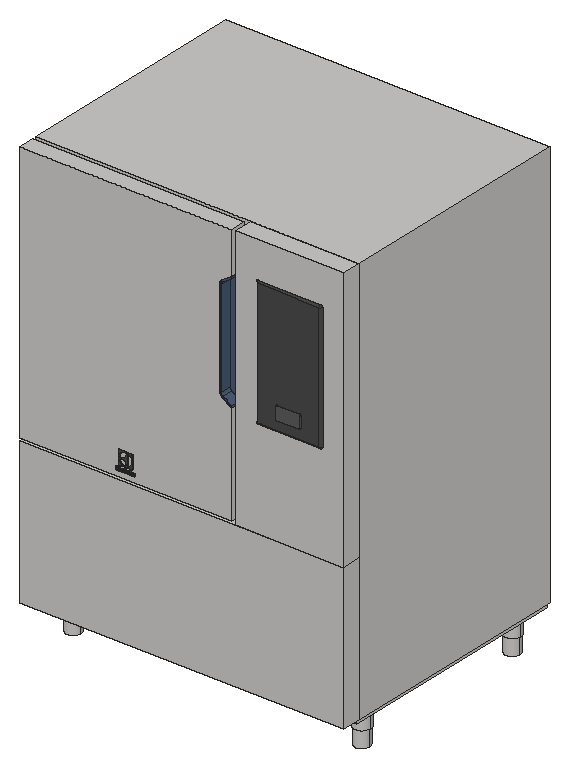
Revit family "QF_ELECTROLUXPROFESSIONAL_727740_EBFA12E", category Specialty Equipment, Revit 2018 (continued)
Lines and regions (mm)
  Split face 221
    outline origin (170.176, -292.149, -222.619) x (-1, 0, 0) y (0, 0, -1)
      loop
        line (846.638, -548.639) -> (956.654, -548.639) -> (956.654, -543.665) -> (846.638, -543.665) -> (846.638, -548.639)
  Split face 222
    outline origin (170.176, -292.149, -213.119) x (-1, 0, 0) y (0, 0, -1)
      loop
        line (846.638, -548.639) -> (956.654, -548.639) -> (956.654, -543.665) -> (846.638, -543.665) -> (846.638, -548.639)
  Split face 223
    outline origin (170.176, -292.149, -203.619) x (-1, 0, 0) y (0, 0, -1)
      loop
        line (846.638, -548.639) -> (956.654, -548.639) -> (956.654, -543.665) -> (846.638, -543.665) -> (846.638, -548.639)
  Split face 224
    outline origin (170.176, -292.149, -194.118) x (-1, 0, 0) y (0, 0, -1)
      loop
        line (846.638, -548.639) -> (956.654, -548.639) -> (956.654, -543.665) -> (846.638, -543.665) -> (846.638, -548.639)
  Split face 225
    outline origin (170.176, -292.149, -184.618) x (-1, 0, 0) y (0, 0, -1)
      loop
        line (846.638, -548.639) -> (956.654, -548.639) -> (956.654, -543.665) -> (846.638, -543.665) -> (846.638, -548.639)
  Split face 226
    outline origin (170.176, -292.149, -175.118) x (-1, 0, 0) y (0, 0, -1)
      loop
        line (846.638, -548.639) -> (956.654, -548.639) -> (956.654, -543.665) -> (846.638, -543.665) -> (846.638, -548.639)
  Split face 227
    outline origin (170.176, -292.149, -165.618) x (-1, 0, 0) y (0, 0, -1)
      loop
        line (846.638, -548.639) -> (956.654, -548.639) -> (956.654, -543.665) -> (846.638, -543.665) -> (846.638, -548.639)
  Split face 228
    outline origin (170.176, -292.149, -156.118) x (-1, 0, 0) y (0, 0, -1)
      loop
        line (846.638, -548.639) -> (956.654, -548.639) -> (956.654, -543.665) -> (846.638, -543.665) -> (846.638, -548.639)
  Split face 229
    outline origin (170.176, -292.149, -146.618) x (-1, 0, 0) y (0, 0, -1)
      loop
        line (846.638, -548.639) -> (956.654, -548.639) -> (956.654, -543.665) -> (846.638, -543.665) -> (846.638, -548.639)
  Split face 230
    outline origin (170.176, -292.149, -137.118) x (-1, 0, 0) y (0, 0, -1)
      loop
        line (846.638, -548.639) -> (956.654, -548.639) -> (956.654, -543.665) -> (846.638, -543.665) -> (846.638, -548.639)
  Split face 231
    outline origin (170.176, -292.149, -127.618) x (-1, 0, 0) y (0, 0, -1)
      loop
        line (846.638, -548.639) -> (956.654, -548.639) -> (956.654, -543.665) -> (846.638, -543.665) -> (846.638, -548.639)
  Split face 232
    outline origin (170.176, -292.149, -118.118) x (-1, 0, 0) y (0, 0, -1)
      loop
        line (846.638, -548.639) -> (956.654, -548.639) -> (956.654, -543.665) -> (846.638, -543.665) -> (846.638, -548.639)
  Split face 233
    outline origin (170.176, -292.149, -108.618) x (-1, 0, 0) y (0, 0, -1)
      loop
        line (846.638, -548.639) -> (956.654, -548.639) -> (956.654, -543.665) -> (846.638, -543.665) -> (846.638, -548.639)
  Split face 234
    outline origin (170.176, -292.149, -99.118) x (-1, 0, 0) y (0, 0, -1)
      loop
        line (846.638, -548.639) -> (956.654, -548.639) -> (956.654, -543.665) -> (846.638, -543.665) -> (846.638, -548.639)
  Split face 235
    outline origin (170.176, -292.149, -89.618) x (-1, 0, 0) y (0, 0, -1)
      loop
        line (846.638, -548.639) -> (956.654, -548.639) -> (956.654, -543.665) -> (846.638, -543.665) -> (846.638, -548.639)
  Split face 236
    outline origin (170.176, -292.149, -80.117) x (-1, 0, 0) y (0, 0, -1)
      loop
        line (846.638, -548.639) -> (956.654, -548.639) -> (956.654, -543.665) -> (846.638, -543.665) -> (846.638, -548.639)
  Split face 237
    outline origin (170.176, -292.149, -70.617) x (-1, 0, 0) y (0, 0, -1)
      loop
        line (846.638, -548.639) -> (956.654, -548.639) -> (956.654, -543.665) -> (846.638, -543.665) -> (846.638, -548.639)
  Split face 238
    outline origin (170.176, -292.149, -61.117) x (-1, 0, 0) y (0, 0, -1)
      loop
        line (846.638, -548.639) -> (956.654, -548.639) -> (956.654, -543.665) -> (846.638, -543.665) -> (846.638, -548.639)
  Split face 239
    outline origin (170.176, -292.149, -51.617) x (-1, 0, 0) y (0, 0, -1)
      loop
        line (846.638, -548.639) -> (956.654, -548.639) -> (956.654, -543.665) -> (846.638, -543.665) -> (846.638, -548.639)
  Split face 240
    outline origin (170.176, -292.149, -42.117) x (-1, 0, 0) y (0, 0, -1)
      loop
        line (846.638, -548.639) -> (956.654, -548.639) -> (956.654, -543.665) -> (846.638, -543.665) -> (846.638, -548.639)
  Split face 241
    outline origin (170.176, -292.149, -32.617) x (-1, 0, 0) y (0, 0, -1)
      loop
        line (846.638, -548.639) -> (956.654, -548.639) -> (956.654, -543.665) -> (846.638, -543.665) -> (846.638, -548.639)
  Split face 242
    outline origin (170.176, -292.149, -23.117) x (-1, 0, 0) y (0, 0, -1)
      loop
        line (846.638, -548.639) -> (956.654, -548.639) -> (956.654, -543.665) -> (846.638, -543.665) -> (846.638, -548.639)
  Split face 243
    outline origin (170.176, -292.149, -13.617) x (-1, 0, 0) y (0, 0, -1)
      loop
        line (846.638, -548.639) -> (956.654, -548.639) -> (956.654, -543.665) -> (846.638, -543.665) -> (846.638, -548.639)
  Split face 244
    outline origin (170.176, -292.149, -4.117) x (-1, 0, 0) y (0, 0, -1)
      loop
        line (846.638, -548.639) -> (956.654, -548.639) -> (956.654, -543.665) -> (846.638, -543.665) -> (846.638, -548.639)
  Split face 245
    outline origin (170.176, -292.149, 5.383) x (-1, 0, 0) y (0, 0, -1)
      loop
        line (846.638, -548.639) -> (956.654, -548.639) -> (956.654, -543.665) -> (846.638, -543.665) -> (846.638, -548.639)
  Split face 246
    outline origin (170.176, -292.149, 14.883) x (-1, 0, 0) y (0, 0, -1)
      loop
        line (846.638, -548.639) -> (956.654, -548.639) -> (956.654, -543.665) -> (846.638, -543.665) -> (846.638, -548.639)
  Split face 247
    outline origin (50.185, -292.149, -365.12) x (-1, 0, 0) y (0, 0, -1)
      loop
        line (846.638, -548.639) -> (956.654, -548.639) -> (956.654, -543.665) -> (846.638, -543.665) -> (846.638, -548.639)
  Split face 248
    outline origin (50.185, -292.149, -355.62) x (-1, 0, 0) y (0, 0, -1)
      loop
        line (846.638, -548.639) -> (956.654, -548.639) -> (956.654, -543.665) -> (846.638, -543.665) -> (846.638, -548.639)
  Split face 249
    outline origin (50.185, -292.149, -346.12) x (-1, 0, 0) y (0, 0, -1)
      loop
        line (846.638, -548.639) -> (956.654, -548.639) -> (956.654, -543.665) -> (846.638, -543.665) -> (846.638, -548.639)
  Split face 250
    outline origin (50.185, -292.149, -336.62) x (-1, 0, 0) y (0, 0, -1)
      loop
        line (846.638, -548.639) -> (956.654, -548.639) -> (956.654, -543.665) -> (846.638, -543.665) -> (846.638, -548.639)
  Split face 251
    outline origin (50.185, -292.149, -327.12) x (-1, 0, 0) y (0, 0, -1)
      loop
        line (846.638, -548.639) -> (956.654, -548.639) -> (956.654, -543.665) -> (846.638, -543.665) -> (846.638, -548.639)
  Split face 252
    outline origin (50.185, -292.149, -317.619) x (-1, 0, 0) y (0, 0, -1)
      loop
        line (846.638, -548.639) -> (956.654, -548.639) -> (956.654, -543.665) -> (846.638, -543.665) -> (846.638, -548.639)
  Split face 253
    outline origin (50.185, -292.149, -308.119) x (-1, 0, 0) y (0, 0, -1)
      loop
        line (846.638, -548.639) -> (956.654, -548.639) -> (956.654, -543.665) -> (846.638, -543.665) -> (846.638, -548.639)
  Split face 254
    outline origin (50.185, -292.149, -298.619) x (-1, 0, 0) y (0, 0, -1)
      loop
        line (846.638, -548.639) -> (956.654, -548.639) -> (956.654, -543.665) -> (846.638, -543.665) -> (846.638, -548.639)
  Split face 255
    outline origin (50.185, -292.149, -289.119) x (-1, 0, 0) y (0, 0, -1)
      loop
        line (846.638, -548.639) -> (956.654, -548.639) -> (956.654, -543.665) -> (846.638, -543.665) -> (846.638, -548.639)
  Split face 256
    outline origin (50.185, -292.149, -279.619) x (-1, 0, 0) y (0, 0, -1)
      loop
        line (846.638, -548.639) -> (956.654, -548.639) -> (956.654, -543.665) -> (846.638, -543.665) -> (846.638, -548.639)
  Split face 257
    outline origin (50.185, -292.149, -270.119) x (-1, 0, 0) y (0, 0, -1)
      loop
        line (846.638, -548.639) -> (956.654, -548.639) -> (956.654, -543.665) -> (846.638, -543.665) -> (846.638, -548.639)
  Split face 258
    outline origin (50.185, -292.149, -260.619) x (-1, 0, 0) y (0, 0, -1)
      loop
        line (846.638, -548.639) -> (956.654, -548.639) -> (956.654, -543.665) -> (846.638, -543.665) -> (846.638, -548.639)
  Split face 259
    outline origin (50.185, -292.149, -251.119) x (-1, 0, 0) y (0, 0, -1)
      loop
        line (846.638, -548.639) -> (956.654, -548.639) -> (956.654, -543.665) -> (846.638, -543.665) -> (846.638, -548.639)
  Split face 260
    outline origin (50.185, -292.149, -241.619) x (-1, 0, 0) y (0, 0, -1)
      loop
        line (846.638, -548.639) -> (956.654, -548.639) -> (956.654, -543.665) -> (846.638, -543.665) -> (846.638, -548.639)
  Split face 261
    outline origin (50.185, -292.149, -232.119) x (-1, 0, 0) y (0, 0, -1)
      loop
        line (846.638, -548.639) -> (956.654, -548.639) -> (956.654, -543.665) -> (846.638, -543.665) -> (846.638, -548.639)
  Split face 262
    outline origin (50.185, -292.149, -222.619) x (-1, 0, 0) y (0, 0, -1)
      loop
        line (846.638, -548.639) -> (956.654, -548.639) -> (956.654, -543.665) -> (846.638, -543.665) -> (846.638, -548.639)
  Split face 263
    outline origin (50.185, -292.149, -213.119) x (-1, 0, 0) y (0, 0, -1)
      loop
        line (846.638, -548.639) -> (956.654, -548.639) -> (956.654, -543.665) -> (846.638, -543.665) -> (846.638, -548.639)
  Split face 264
    outline origin (50.185, -292.149, -203.619) x (-1, 0, 0) y (0, 0, -1)
      loop
        line (846.638, -548.639) -> (956.654, -548.639) -> (956.654, -543.665) -> (846.638, -543.665) -> (846.638, -548.639)
  Split face 265
    outline origin (50.185, -292.149, -194.118) x (-1, 0, 0) y (0, 0, -1)
      loop
        line (846.638, -548.639) -> (956.654, -548.639) -> (956.654, -543.665) -> (846.638, -543.665) -> (846.638, -548.639)
  Split face 266
    outline origin (50.185, -292.149, -184.618) x (-1, 0, 0) y (0, 0, -1)
      loop
        line (846.638, -548.639) -> (956.654, -548.639) -> (956.654, -543.665) -> (846.638, -543.665) -> (846.638, -548.639)
  Split face 267
    outline origin (50.185, -292.149, -175.118) x (-1, 0, 0) y (0, 0, -1)
      loop
        line (846.638, -548.639) -> (956.654, -548.639) -> (956.654, -543.665) -> (846.638, -543.665) -> (846.638, -548.639)
  Split face 268
    outline origin (50.185, -292.149, -165.618) x (-1, 0, 0) y (0, 0, -1)
      loop
        line (846.638, -548.639) -> (956.654, -548.639) -> (956.654, -543.665) -> (846.638, -543.665) -> (846.638, -548.639)
  Split face 269
    outline origin (50.185, -292.149, -156.118) x (-1, 0, 0) y (0, 0, -1)
      loop
        line (846.638, -548.639) -> (956.654, -548.639) -> (956.654, -543.665) -> (846.638, -543.665) -> (846.638, -548.639)
  Split face 270
    outline origin (50.185, -292.149, -146.618) x (-1, 0, 0) y (0, 0, -1)
      loop
        line (846.638, -548.639) -> (956.654, -548.639) -> (956.654, -543.665) -> (846.638, -543.665) -> (846.638, -548.639)
  Split face 271
    outline origin (50.185, -292.149, -137.118) x (-1, 0, 0) y (0, 0, -1)
      loop
        line (846.638, -548.639) -> (956.654, -548.639) -> (956.654, -543.665) -> (846.638, -543.665) -> (846.638, -548.639)
  Split face 272
    outline origin (50.185, -292.149, -127.618) x (-1, 0, 0) y (0, 0, -1)
      loop
        line (846.638, -548.639) -> (956.654, -548.639) -> (956.654, -543.665) -> (846.638, -543.665) -> (846.638, -548.639)
  Split face 273
    outline origin (50.185, -292.149, -118.118) x (-1, 0, 0) y (0, 0, -1)
      loop
        line (846.638, -548.639) -> (956.654, -548.639) -> (956.654, -543.665) -> (846.638, -543.665) -> (846.638, -548.639)
  Split face 274
    outline origin (50.185, -292.149, -108.618) x (-1, 0, 0) y (0, 0, -1)
      loop
        line (846.638, -548.639) -> (956.654, -548.639) -> (956.654, -543.665) -> (846.638, -543.665) -> (846.638, -548.639)
  Split face 275
    outline origin (50.185, -292.149, -99.118) x (-1, 0, 0) y (0, 0, -1)
      loop
        line (846.638, -548.639) -> (956.654, -548.639) -> (956.654, -543.665) -> (846.638, -543.665) -> (846.638, -548.639)
  Split face 276
    outline origin (50.185, -292.149, -89.618) x (-1, 0, 0) y (0, 0, -1)
      loop
        line (846.638, -548.639) -> (956.654, -548.639) -> (956.654, -543.665) -> (846.638, -543.665) -> (846.638, -548.639)
  Split face 277
    outline origin (50.185, -292.149, -80.117) x (-1, 0, 0) y (0, 0, -1)
      loop
        line (846.638, -548.639) -> (956.654, -548.639) -> (956.654, -543.665) -> (846.638, -543.665) -> (846.638, -548.639)
  Split face 278
    outline origin (50.185, -292.149, -70.617) x (-1, 0, 0) y (0, 0, -1)
      loop
        line (846.638, -548.639) -> (956.654, -548.639) -> (956.654, -543.665) -> (846.638, -543.665) -> (846.638, -548.639)
  Split face 279
    outline origin (50.185, -292.149, -61.117) x (-1, 0, 0) y (0, 0, -1)
      loop
        line (846.638, -548.639) -> (956.654, -548.639) -> (956.654, -543.665) -> (846.638, -543.665) -> (846.638, -548.639)
  Split face 280
    outline origin (50.185, -292.149, -51.617) x (-1, 0, 0) y (0, 0, -1)
      loop
        line (846.638, -548.639) -> (956.654, -548.639) -> (956.654, -543.665) -> (846.638, -543.665) -> (846.638, -548.639)
  Split face 281
    outline origin (50.185, -292.149, -42.117) x (-1, 0, 0) y (0, 0, -1)
      loop
        line (846.638, -548.639) -> (956.654, -548.639) -> (956.654, -543.665) -> (846.638, -543.665) -> (846.638, -548.639)
  Split face 282
    outline origin (50.185, -292.149, -32.617) x (-1, 0, 0) y (0, 0, -1)
      loop
        line (846.638, -548.639) -> (956.654, -548.639) -> (956.654, -543.665) -> (846.638, -543.665) -> (846.638, -548.639)
  Split face 283
    outline origin (50.185, -292.149, -23.117) x (-1, 0, 0) y (0, 0, -1)
      loop
        line (846.638, -548.639) -> (956.654, -548.639) -> (956.654, -543.665) -> (846.638, -543.665) -> (846.638, -548.639)
  Split face 284
    outline origin (50.185, -292.149, -13.617) x (-1, 0, 0) y (0, 0, -1)
      loop
        line (846.638, -548.639) -> (956.654, -548.639) -> (956.654, -543.665) -> (846.638, -543.665) -> (846.638, -548.639)
  Split face 285
    outline origin (50.185, -292.149, -4.117) x (-1, 0, 0) y (0, 0, -1)
      loop
        line (846.638, -548.639) -> (956.654, -548.639) -> (956.654, -543.665) -> (846.638, -543.665) -> (846.638, -548.639)
  Split face 286
    outline origin (50.185, -292.149, 5.383) x (-1, 0, 0) y (0, 0, -1)
      loop
        line (846.638, -548.639) -> (956.654, -548.639) -> (956.654, -543.665) -> (846.638, -543.665) -> (846.638, -548.639)
  Split face 287
    outline origin (50.185, -292.149, 14.883) x (-1, 0, 0) y (0, 0, -1)
      loop
        line (846.638, -548.639) -> (956.654, -548.639) -> (956.654, -543.665) -> (846.638, -543.665) -> (846.638, -548.639)
  Split face 288
    outline origin (530.15, -292.149, -365.12) x (-1, 0, 0) y (0, 0, -1)
      loop
        line (846.638, -548.639) -> (956.654, -548.639) -> (956.654, -543.665) -> (846.638, -543.665) -> (846.638, -548.639)
  Split face 289
    outline origin (530.15, -292.149, -355.62) x (-1, 0, 0) y (0, 0, -1)
      loop
        line (846.638, -548.639) -> (956.654, -548.639) -> (956.654, -543.665) -> (846.638, -543.665) -> (846.638, -548.639)
  Split face 290
    outline origin (530.15, -292.149, -346.12) x (-1, 0, 0) y (0, 0, -1)
      loop
        line (846.638, -548.639) -> (956.654, -548.639) -> (956.654, -543.665) -> (846.638, -543.665) -> (846.638, -548.639)
  Split face 291
    outline origin (530.15, -292.149, -336.62) x (-1, 0, 0) y (0, 0, -1)
      loop
        line (846.638, -548.639) -> (956.654, -548.639) -> (956.654, -543.665) -> (846.638, -543.665) -> (846.638, -548.639)
  Split face 292
    outline origin (530.15, -292.149, -327.12) x (-1, 0, 0) y (0, 0, -1)
      loop
        line (846.638, -548.639) -> (956.654, -548.639) -> (956.654, -543.665) -> (846.638, -543.665) -> (846.638, -548.639)
  Split face 293
    outline origin (530.15, -292.149, -317.619) x (-1, 0, 0) y (0, 0, -1)
      loop
        line (846.638, -548.639) -> (956.654, -548.639) -> (956.654, -543.665) -> (846.638, -543.665) -> (846.638, -548.639)
  Split face 294
    outline origin (530.15, -292.149, -308.119) x (-1, 0, 0) y (0, 0, -1)
      loop
        line (846.638, -548.639) -> (956.654, -548.639) -> (956.654, -543.665) -> (846.638, -543.665) -> (846.638, -548.639)
  Split face 295
    outline origin (530.15, -292.149, -298.619) x (-1, 0, 0) y (0, 0, -1)
      loop
        line (846.638, -548.639) -> (956.654, -548.639) -> (956.654, -543.665) -> (846.638, -543.665) -> (846.638, -548.639)
  Split face 296
    outline origin (530.15, -292.149, -289.119) x (-1, 0, 0) y (0, 0, -1)
      loop
        line (846.638, -548.639) -> (956.654, -548.639) -> (956.654, -543.665) -> (846.638, -543.665) -> (846.638, -548.639)
  Split face 297
    outline origin (530.15, -292.149, -279.619) x (-1, 0, 0) y (0, 0, -1)
      loop
        line (846.638, -548.639) -> (956.654, -548.639) -> (956.654, -543.665) -> (846.638, -543.665) -> (846.638, -548.639)
  Split face 298
    outline origin (530.15, -292.149, -270.119) x (-1, 0, 0) y (0, 0, -1)
      loop
        line (846.638, -548.639) -> (956.654, -548.639) -> (956.654, -543.665) -> (846.638, -543.665) -> (846.638, -548.639)
  Split face 299
    outline origin (530.15, -292.149, -260.619) x (-1, 0, 0) y (0, 0, -1)
      loop
        line (846.638, -548.639) -> (956.654, -548.639) -> (956.654, -543.665) -> (846.638, -543.665) -> (846.638, -548.639)
  Split face 300
    outline origin (530.15, -292.149, -251.119) x (-1, 0, 0) y (0, 0, -1)
      loop
        line (846.638, -548.639) -> (956.654, -548.639) -> (956.654, -543.665) -> (846.638, -543.665) -> (846.638, -548.639)
  Split face 301
    outline origin (530.15, -292.149, -241.619) x (-1, 0, 0) y (0, 0, -1)
      loop
        line (846.638, -548.639) -> (956.654, -548.639) -> (956.654, -543.665) -> (846.638, -543.665) -> (846.638, -548.639)
  Split face 302
    outline origin (530.15, -292.149, -232.119) x (-1, 0, 0) y (0, 0, -1)
      loop
        line (846.638, -548.639) -> (956.654, -548.639) -> (956.654, -543.665) -> (846.638, -543.665) -> (846.638, -548.639)
  Split face 303
    outline origin (530.15, -292.149, -222.619) x (-1, 0, 0) y (0, 0, -1)
      loop
        line (846.638, -548.639) -> (956.654, -548.639) -> (956.654, -543.665) -> (846.638, -543.665) -> (846.638, -548.639)
  Split face 304
    outline origin (530.15, -292.149, -213.119) x (-1, 0, 0) y (0, 0, -1)
      loop
        line (846.638, -548.639) -> (956.654, -548.639) -> (956.654, -543.665) -> (846.638, -543.665) -> (846.638, -548.639)
  Split face 305
    outline origin (530.15, -292.149, -203.619) x (-1, 0, 0) y (0, 0, -1)
      loop
        line (846.638, -548.639) -> (956.654, -548.639) -> (956.654, -543.665) -> (846.638, -543.665) -> (846.638, -548.639)
  Split face 306
    outline origin (530.15, -292.149, -194.118) x (-1, 0, 0) y (0, 0, -1)
      loop
        line (846.638, -548.639) -> (956.654, -548.639) -> (956.654, -543.665) -> (846.638, -543.665) -> (846.638, -548.639)
  Split face 307
    outline origin (530.15, -292.149, -184.618) x (-1, 0, 0) y (0, 0, -1)
      loop
        line (846.638, -548.639) -> (956.654, -548.639) -> (956.654, -543.665) -> (846.638, -543.665) -> (846.638, -548.639)
  Split face 308
    outline origin (530.15, -292.149, -175.118) x (-1, 0, 0) y (0, 0, -1)
      loop
        line (846.638, -548.639) -> (956.654, -548.639) -> (956.654, -543.665) -> (846.638, -543.665) -> (846.638, -548.639)
  Split face 309
    outline origin (530.15, -292.149, -165.618) x (-1, 0, 0) y (0, 0, -1)
      loop
        line (846.638, -548.639) -> (956.654, -548.639) -> (956.654, -543.665) -> (846.638, -543.665) -> (846.638, -548.639)
  Split face 310
    outline origin (530.15, -292.149, -156.118) x (-1, 0, 0) y (0, 0, -1)
      loop
        line (846.638, -548.639) -> (956.654, -548.639) -> (956.654, -543.665) -> (846.638, -543.665) -> (846.638, -548.639)
  Split face 311
    outline origin (530.15, -292.149, -146.618) x (-1, 0, 0) y (0, 0, -1)
      loop
        line (846.638, -548.639) -> (956.654, -548.639) -> (956.654, -543.665) -> (846.638, -543.665) -> (846.638, -548.639)
  Split face 312
    outline origin (530.15, -292.149, -137.118) x (-1, 0, 0) y (0, 0, -1)
      loop
        line (846.638, -548.639) -> (956.654, -548.639) -> (956.654, -543.665) -> (846.638, -543.665) -> (846.638, -548.639)
  Split face 313
    outline origin (530.15, -292.149, -127.618) x (-1, 0, 0) y (0, 0, -1)
      loop
        line (846.638, -548.639) -> (956.654, -548.639) -> (956.654, -543.665) -> (846.638, -543.665) -> (846.638, -548.639)
  Split face 314
    outline origin (530.15, -292.149, -118.118) x (-1, 0, 0) y (0, 0, -1)
      loop
        line (846.638, -548.639) -> (956.654, -548.639) -> (956.654, -543.665) -> (846.638, -543.665) -> (846.638, -548.639)
  Split face 315
    outline origin (530.15, -292.149, -108.618) x (-1, 0, 0) y (0, 0, -1)
      loop
        line (846.638, -548.639) -> (956.654, -548.639) -> (956.654, -543.665) -> (846.638, -543.665) -> (846.638, -548.639)
  Split face 316
    outline origin (530.15, -292.149, -99.118) x (-1, 0, 0) y (0, 0, -1)
      loop
        line (846.638, -548.639) -> (956.654, -548.639) -> (956.654, -543.665) -> (846.638, -543.665) -> (846.638, -548.639)
  Split face 317
    outline origin (530.15, -292.149, -89.618) x (-1, 0, 0) y (0, 0, -1)
      loop
        line (846.638, -548.639) -> (956.654, -548.639) -> (956.654, -543.665) -> (846.638, -543.665) -> (846.638, -548.639)
  Split face 318
    outline origin (530.15, -292.149, -80.117) x (-1, 0, 0) y (0, 0, -1)
      loop
        line (846.638, -548.639) -> (956.654, -548.639) -> (956.654, -543.665) -> (846.638, -543.665) -> (846.638, -548.639)
  Split face 319
    outline origin (530.15, -292.149, -70.617) x (-1, 0, 0) y (0, 0, -1)
      loop
        line (846.638, -548.639) -> (956.654, -548.639) -> (956.654, -543.665) -> (846.638, -543.665) -> (846.638, -548.639)
  Split face 320
    outline origin (530.15, -292.149, -61.117) x (-1, 0, 0) y (0, 0, -1)
      loop
        line (846.638, -548.639) -> (956.654, -548.639) -> (956.654, -543.665) -> (846.638, -543.665) -> (846.638, -548.639)
  Split face 321
    outline origin (530.15, -292.149, -51.617) x (-1, 0, 0) y (0, 0, -1)
      loop
        line (846.638, -548.639) -> (956.654, -548.639) -> (956.654, -543.665) -> (846.638, -543.665) -> (846.638, -548.639)
  Split face 322
    outline origin (530.15, -292.149, -42.117) x (-1, 0, 0) y (0, 0, -1)
      loop
        line (846.638, -548.639) -> (956.654, -548.639) -> (956.654, -543.665) -> (846.638, -543.665) -> (846.638, -548.639)
  Split face 323
    outline origin (530.15, -292.149, -32.617) x (-1, 0, 0) y (0, 0, -1)
      loop
        line (846.638, -548.639) -> (956.654, -548.639) -> (956.654, -543.665) -> (846.638, -543.665) -> (846.638, -548.639)
  Split face 324
    outline origin (530.15, -292.149, -23.117) x (-1, 0, 0) y (0, 0, -1)
      loop
        line (846.638, -548.639) -> (956.654, -548.639) -> (956.654, -543.665) -> (846.638, -543.665) -> (846.638, -548.639)
  Split face 325
    outline origin (530.15, -292.149, -13.617) x (-1, 0, 0) y (0, 0, -1)
      loop
        line (846.638, -548.639) -> (956.654, -548.639) -> (956.654, -543.665) -> (846.638, -543.665) -> (846.638, -548.639)
  Split face 326
    outline origin (530.15, -292.149, -4.117) x (-1, 0, 0) y (0, 0, -1)
      loop
        line (846.638, -548.639) -> (956.654, -548.639) -> (956.654, -543.665) -> (846.638, -543.665) -> (846.638, -548.639)
  Split face 327
    outline origin (530.15, -292.149, 5.383) x (-1, 0, 0) y (0, 0, -1)
      loop
        line (846.638, -548.639) -> (956.654, -548.639) -> (956.654, -543.665) -> (846.638, -543.665) -> (846.638, -548.639)
  Split face 328
    outline origin (530.15, -292.149, 14.883) x (-1, 0, 0) y (0, 0, -1)
      loop
        line (846.638, -548.639) -> (956.654, -548.639) -> (956.654, -543.665) -> (846.638, -543.665) -> (846.638, -548.639)
  Split face 329
    outline origin (410.159, -292.149, -365.12) x (-1, 0, 0) y (0, 0, -1)
      loop
        line (846.638, -548.639) -> (956.654, -548.639) -> (956.654, -543.665) -> (846.638, -543.665) -> (846.638, -548.639)
  Split face 330
    outline origin (410.159, -292.149, -355.62) x (-1, 0, 0) y (0, 0, -1)
      loop
        line (846.638, -548.639) -> (956.654, -548.639) -> (956.654, -543.665) -> (846.638, -543.665) -> (846.638, -548.639)
  Split face 331
    outline origin (410.159, -292.149, -346.12) x (-1, 0, 0) y (0, 0, -1)
      loop
        line (846.638, -548.639) -> (956.654, -548.639) -> (956.654, -543.665) -> (846.638, -543.665) -> (846.638, -548.639)
  Split face 332
    outline origin (410.159, -292.149, -336.62) x (-1, 0, 0) y (0, 0, -1)
      loop
        line (846.638, -548.639) -> (956.654, -548.639) -> (956.654, -543.665) -> (846.638, -543.665) -> (846.638, -548.639)
  Split face 333
    outline origin (410.159, -292.149, -327.12) x (-1, 0, 0) y (0, 0, -1)
      loop
        line (846.638, -548.639) -> (956.654, -548.639) -> (956.654, -543.665) -> (846.638, -543.665) -> (846.638, -548.639)
  Split face 334
    outline origin (410.159, -292.149, -317.619) x (-1, 0, 0) y (0, 0, -1)
      loop
        line (846.638, -548.639) -> (956.654, -548.639) -> (956.654, -543.665) -> (846.638, -543.665) -> (846.638, -548.639)
  Split face 335
    outline origin (410.159, -292.149, -308.119) x (-1, 0, 0) y (0, 0, -1)
      loop
        line (846.638, -548.639) -> (956.654, -548.639) -> (956.654, -543.665) -> (846.638, -543.665) -> (846.638, -548.639)
  Split face 336
    outline origin (410.159, -292.149, -298.619) x (-1, 0, 0) y (0, 0, -1)
      loop
        line (846.638, -548.639) -> (956.654, -548.639) -> (956.654, -543.665) -> (846.638, -543.665) -> (846.638, -548.639)
  Split face 337
    outline origin (410.159, -292.149, -289.119) x (-1, 0, 0) y (0, 0, -1)
      loop
        line (846.638, -548.639) -> (956.654, -548.639) -> (956.654, -543.665) -> (846.638, -543.665) -> (846.638, -548.639)
  Split face 338
    outline origin (410.159, -292.149, -279.619) x (-1, 0, 0) y (0, 0, -1)
      loop
        line (846.638, -548.639) -> (956.654, -548.639) -> (956.654, -543.665) -> (846.638, -543.665) -> (846.638, -548.639)
  Split face 339
    outline origin (410.159, -292.149, -270.119) x (-1, 0, 0) y (0, 0, -1)
      loop
        line (846.638, -548.639) -> (956.654, -548.639) -> (956.654, -543.665) -> (846.638, -543.665) -> (846.638, -548.639)
  Split face 340
    outline origin (410.159, -292.149, -260.619) x (-1, 0, 0) y (0, 0, -1)
      loop
        line (846.638, -548.639) -> (956.654, -548.639) -> (956.654, -543.665) -> (846.638, -543.665) -> (846.638, -548.639)
  Split face 341
    outline origin (410.159, -292.149, -251.119) x (-1, 0, 0) y (0, 0, -1)
      loop
        line (846.638, -548.639) -> (956.654, -548.639) -> (956.654, -543.665) -> (846.638, -543.665) -> (846.638, -548.639)
  Split face 342
    outline origin (410.159, -292.149, -241.619) x (-1, 0, 0) y (0, 0, -1)
      loop
        line (846.638, -548.639) -> (956.654, -548.639) -> (956.654, -543.665) -> (846.638, -543.665) -> (846.638, -548.639)
  Split face 343
    outline origin (410.159, -292.149, -232.119) x (-1, 0, 0) y (0, 0, -1)
      loop
        line (846.638, -548.639) -> (956.654, -548.639) -> (956.654, -543.665) -> (846.638, -543.665) -> (846.638, -548.639)
  Split face 344
    outline origin (410.159, -292.149, -222.619) x (-1, 0, 0) y (0, 0, -1)
      loop
        line (846.638, -548.639) -> (956.654, -548.639) -> (956.654, -543.665) -> (846.638, -543.665) -> (846.638, -548.639)
  Split face 345
    outline origin (410.159, -292.149, -213.119) x (-1, 0, 0) y (0, 0, -1)
      loop
        line (846.638, -548.639) -> (956.654, -548.639) -> (956.654, -543.665) -> (846.638, -543.665) -> (846.638, -548.639)
  Split face 346
    outline origin (410.159, -292.149, -203.619) x (-1, 0, 0) y (0, 0, -1)
      loop
        line (846.638, -548.639) -> (956.654, -548.639) -> (956.654, -543.665) -> (846.638, -543.665) -> (846.638, -548.639)
  Split face 347
    outline origin (410.159, -292.149, -194.118) x (-1, 0, 0) y (0, 0, -1)
      loop
        line (846.638, -548.639) -> (956.654, -548.639) -> (956.654, -543.665) -> (846.638, -543.665) -> (846.638, -548.639)
  Split face 348
    outline origin (410.159, -292.149, -184.618) x (-1, 0, 0) y (0, 0, -1)
      loop
        line (846.638, -548.639) -> (956.654, -548.639) -> (956.654, -543.665) -> (846.638, -543.665) -> (846.638, -548.639)
  Split face 349
    outline origin (410.159, -292.149, -175.118) x (-1, 0, 0) y (0, 0, -1)
      loop
        line (846.638, -548.639) -> (956.654, -548.639) -> (956.654, -543.665) -> (846.638, -543.665) -> (846.638, -548.639)
  Split face 350
    outline origin (410.159, -292.149, -165.618) x (-1, 0, 0) y (0, 0, -1)
      loop
        line (846.638, -548.639) -> (956.654, -548.639) -> (956.654, -543.665) -> (846.638, -543.665) -> (846.638, -548.639)
  Split face 351
    outline origin (410.159, -292.149, -156.118) x (-1, 0, 0) y (0, 0, -1)
      loop
        line (846.638, -548.639) -> (956.654, -548.639) -> (956.654, -543.665) -> (846.638, -543.665) -> (846.638, -548.639)
  Split face 352
    outline origin (410.159, -292.149, -146.618) x (-1, 0, 0) y (0, 0, -1)
      loop
        line (846.638, -548.639) -> (956.654, -548.639) -> (956.654, -543.665) -> (846.638, -543.665) -> (846.638, -548.639)
  Split face 353
    outline origin (410.159, -292.149, -137.118) x (-1, 0, 0) y (0, 0, -1)
      loop
        line (846.638, -548.639) -> (956.654, -548.639) -> (956.654, -543.665) -> (846.638, -543.665) -> (846.638, -548.639)
  Split face 354
    outline origin (410.159, -292.149, -127.618) x (-1, 0, 0) y (0, 0, -1)
      loop
        line (846.638, -548.639) -> (956.654, -548.639) -> (956.654, -543.665) -> (846.638, -543.665) -> (846.638, -548.639)
  Split face 355
    outline origin (410.159, -292.149, -118.118) x (-1, 0, 0) y (0, 0, -1)
      loop
        line (846.638, -548.639) -> (956.654, -548.639) -> (956.654, -543.665) -> (846.638, -543.665) -> (846.638, -548.639)
  Split face 356
    outline origin (410.159, -292.149, -108.618) x (-1, 0, 0) y (0, 0, -1)
      loop
        line (846.638, -548.639) -> (956.654, -548.639) -> (956.654, -543.665) -> (846.638, -543.665) -> (846.638, -548.639)
  Split face 357
    outline origin (410.159, -292.149, -99.118) x (-1, 0, 0) y (0, 0, -1)
      loop
        line (846.638, -548.639) -> (956.654, -548.639) -> (956.654, -543.665) -> (846.638, -543.665) -> (846.638, -548.639)
  Split face 358
    outline origin (410.159, -292.149, -89.618) x (-1, 0, 0) y (0, 0, -1)
      loop
        line (846.638, -548.639) -> (956.654, -548.639) -> (956.654, -543.665) -> (846.638, -543.665) -> (846.638, -548.639)
  Split face 359
    outline origin (410.159, -292.149, -80.117) x (-1, 0, 0) y (0, 0, -1)
      loop
        line (846.638, -548.639) -> (956.654, -548.639) -> (956.654, -543.665) -> (846.638, -543.665) -> (846.638, -548.639)
  Split face 360
    outline origin (410.159, -292.149, -70.617) x (-1, 0, 0) y (0, 0, -1)
      loop
        line (846.638, -548.639) -> (956.654, -548.639) -> (956.654, -543.665) -> (846.638, -543.665) -> (846.638, -548.639)
  Split face 361
    outline origin (410.159, -292.149, -61.117) x (-1, 0, 0) y (0, 0, -1)
      loop
        line (846.638, -548.639) -> (956.654, -548.639) -> (956.654, -543.665) -> (846.638, -543.665) -> (846.638, -548.639)
  Split face 362
    outline origin (410.159, -292.149, -51.617) x (-1, 0, 0) y (0, 0, -1)
      loop
        line (846.638, -548.639) -> (956.654, -548.639) -> (956.654, -543.665) -> (846.638, -543.665) -> (846.638, -548.639)
  Split face 363
    outline origin (410.159, -292.149, -42.117) x (-1, 0, 0) y (0, 0, -1)
      loop
        line (846.638, -548.639) -> (956.654, -548.639) -> (956.654, -543.665) -> (846.638, -543.665) -> (846.638, -548.639)
  Split face 364
    outline origin (410.159, -292.149, -32.617) x (-1, 0, 0) y (0, 0, -1)
      loop
        line (846.638, -548.639) -> (956.654, -548.639) -> (956.654, -543.665) -> (846.638, -543.665) -> (846.638, -548.639)
  Split face 365
    outline origin (410.159, -292.149, -23.117) x (-1, 0, 0) y (0, 0, -1)
      loop
        line (846.638, -548.639) -> (956.654, -548.639) -> (956.654, -543.665) -> (846.638, -543.665) -> (846.638, -548.639)
  Split face 366
    outline origin (410.159, -292.149, -13.617) x (-1, 0, 0) y (0, 0, -1)
      loop
        line (846.638, -548.639) -> (956.654, -548.639) -> (956.654, -543.665) -> (846.638, -543.665) -> (846.638, -548.639)
  Split face 367
    outline origin (410.159, -292.149, -4.117) x (-1, 0, 0) y (0, 0, -1)
      loop
        line (846.638, -548.639) -> (956.654, -548.639) -> (956.654, -543.665) -> (846.638, -543.665) -> (846.638, -548.639)
  Split face 368
    outline origin (410.159, -292.149, 5.383) x (-1, 0, 0) y (0, 0, -1)
      loop
        line (846.638, -548.639) -> (956.654, -548.639) -> (956.654, -543.665) -> (846.638, -543.665) -> (846.638, -548.639)
  Split face 369
    outline origin (410.159, -292.149, 14.883) x (-1, 0, 0) y (0, 0, -1)
      loop
        line (846.638, -548.639) -> (956.654, -548.639) -> (956.654, -543.665) -> (846.638, -543.665) -> (846.638, -548.639)
  Split face 370
    outline origin (650.142, -292.149, -365.12) x (-1, 0, 0) y (0, 0, -1)
      loop
        line (846.638, -548.639) -> (956.654, -548.639) -> (956.654, -543.665) -> (846.638, -543.665) -> (846.638, -548.639)
  Split face 371
    outline origin (650.142, -292.149, -355.62) x (-1, 0, 0) y (0, 0, -1)
      loop
        line (846.638, -548.639) -> (956.654, -548.639) -> (956.654, -543.665) -> (846.638, -543.665) -> (846.638, -548.639)
  Split face 372
    outline origin (650.142, -292.149, -346.12) x (-1, 0, 0) y (0, 0, -1)
      loop
        line (846.638, -548.639) -> (956.654, -548.639) -> (956.654, -543.665) -> (846.638, -543.665) -> (846.638, -548.639)
  Split face 373
    outline origin (650.142, -292.149, -336.62) x (-1, 0, 0) y (0, 0, -1)
      loop
        line (846.638, -548.639) -> (956.654, -548.639) -> (956.654, -543.665) -> (846.638, -543.665) -> (846.638, -548.639)
  Split face 374
    outline origin (650.142, -292.149, -327.12) x (-1, 0, 0) y (0, 0, -1)
      loop
        line (846.638, -548.639) -> (956.654, -548.639) -> (956.654, -543.665) -> (846.638, -543.665) -> (846.638, -548.639)
  Split face 375
    outline origin (650.142, -292.149, -317.619) x (-1, 0, 0) y (0, 0, -1)
      loop
        line (846.638, -548.639) -> (956.654, -548.639) -> (956.654, -543.665) -> (846.638, -543.665) -> (846.638, -548.639)
  Split face 376
    outline origin (650.142, -292.149, -308.119) x (-1, 0, 0) y (0, 0, -1)
      loop
        line (846.638, -548.639) -> (956.654, -548.639) -> (956.654, -543.665) -> (846.638, -543.665) -> (846.638, -548.639)
  Split face 377
    outline origin (650.142, -292.149, -298.619) x (-1, 0, 0) y (0, 0, -1)
      loop
        line (846.638, -548.639) -> (956.654, -548.639) -> (956.654, -543.665) -> (846.638, -543.665) -> (846.638, -548.639)
  Split face 378
    outline origin (650.142, -292.149, -289.119) x (-1, 0, 0) y (0, 0, -1)
      loop
        line (846.638, -548.639) -> (956.654, -548.639) -> (956.654, -543.665) -> (846.638, -543.665) -> (846.638, -548.639)
  Split face 379
    outline origin (650.142, -292.149, -279.619) x (-1, 0, 0) y (0, 0, -1)
      loop
        line (846.638, -548.639) -> (956.654, -548.639) -> (956.654, -543.665) -> (846.638, -543.665) -> (846.638, -548.639)
  Split face 380
    outline origin (650.142, -292.149, -270.119) x (-1, 0, 0) y (0, 0, -1)
      loop
        line (846.638, -548.639) -> (956.654, -548.639) -> (956.654, -543.665) -> (846.638, -543.665) -> (846.638, -548.639)
  Split face 381
    outline origin (650.142, -292.149, -260.619) x (-1, 0, 0) y (0, 0, -1)
      loop
        line (846.638, -548.639) -> (956.654, -548.639) -> (956.654, -543.665) -> (846.638, -543.665) -> (846.638, -548.639)
  Split face 382
    outline origin (650.142, -292.149, -251.119) x (-1, 0, 0) y (0, 0, -1)
      loop
        line (846.638, -548.639) -> (956.654, -548.639) -> (956.654, -543.665) -> (846.638, -543.665) -> (846.638, -548.639)
  Split face 383
    outline origin (650.142, -292.149, -241.619) x (-1, 0, 0) y (0, 0, -1)
      loop
        line (846.638, -548.639) -> (956.654, -548.639) -> (956.654, -543.665) -> (846.638, -543.665) -> (846.638, -548.639)
  Split face 384
    outline origin (650.142, -292.149, -232.119) x (-1, 0, 0) y (0, 0, -1)
      loop
        line (846.638, -548.639) -> (956.654, -548.639) -> (956.654, -543.665) -> (846.638, -543.665) -> (846.638, -548.639)
  Split face 385
    outline origin (650.142, -292.149, -222.619) x (-1, 0, 0) y (0, 0, -1)
      loop
        line (846.638, -548.639) -> (956.654, -548.639) -> (956.654, -543.665) -> (846.638, -543.665) -> (846.638, -548.639)
  Split face 386
    outline origin (650.142, -292.149, -213.119) x (-1, 0, 0) y (0, 0, -1)
      loop
        line (846.638, -548.639) -> (956.654, -548.639) -> (956.654, -543.665) -> (846.638, -543.665) -> (846.638, -548.639)
  Split face 387
    outline origin (650.142, -292.149, -203.619) x (-1, 0, 0) y (0, 0, -1)
      loop
        line (846.638, -548.639) -> (956.654, -548.639) -> (956.654, -543.665) -> (846.638, -543.665) -> (846.638, -548.639)
  Split face 388
    outline origin (650.142, -292.149, -194.118) x (-1, 0, 0) y (0, 0, -1)
      loop
        line (846.638, -548.639) -> (956.654, -548.639) -> (956.654, -543.665) -> (846.638, -543.665) -> (846.638, -548.639)
  Split face 389
    outline origin (650.142, -292.149, -184.618) x (-1, 0, 0) y (0, 0, -1)
      loop
        line (846.638, -548.639) -> (956.654, -548.639) -> (956.654, -543.665) -> (846.638, -543.665) -> (846.638, -548.639)
  Split face 390
    outline origin (650.142, -292.149, -175.118) x (-1, 0, 0) y (0, 0, -1)
      loop
        line (846.638, -548.639) -> (956.654, -548.639) -> (956.654, -543.665) -> (846.638, -543.665) -> (846.638, -548.639)
  Split face 391
    outline origin (650.142, -292.149, -165.618) x (-1, 0, 0) y (0, 0, -1)
      loop
        line (846.638, -548.639) -> (956.654, -548.639) -> (956.654, -543.665) -> (846.638, -543.665) -> (846.638, -548.639)
  Split face 392
    outline origin (650.142, -292.149, -156.118) x (-1, 0, 0) y (0, 0, -1)
      loop
        line (846.638, -548.639) -> (956.654, -548.639) -> (956.654, -543.665) -> (846.638, -543.665) -> (846.638, -548.639)
  Split face 393
    outline origin (650.142, -292.149, -146.618) x (-1, 0, 0) y (0, 0, -1)
      loop
        line (846.638, -548.639) -> (956.654, -548.639) -> (956.654, -543.665) -> (846.638, -543.665) -> (846.638, -548.639)
  Split face 394
    outline origin (650.142, -292.149, -137.118) x (-1, 0, 0) y (0, 0, -1)
      loop
        line (846.638, -548.639) -> (956.654, -548.639) -> (956.654, -543.665) -> (846.638, -543.665) -> (846.638, -548.639)
  Split face 395
    outline origin (650.142, -292.149, -127.618) x (-1, 0, 0) y (0, 0, -1)
      loop
        line (846.638, -548.639) -> (956.654, -548.639) -> (956.654, -543.665) -> (846.638, -543.665) -> (846.638, -548.639)
  Split face 396
    outline origin (650.142, -292.149, -118.118) x (-1, 0, 0) y (0, 0, -1)
      loop
        line (846.638, -548.639) -> (956.654, -548.639) -> (956.654, -543.665) -> (846.638, -543.665) -> (846.638, -548.639)
  Split face 397
    outline origin (650.142, -292.149, -108.618) x (-1, 0, 0) y (0, 0, -1)
      loop
        line (846.638, -548.639) -> (956.654, -548.639) -> (956.654, -543.665) -> (846.638, -543.665) -> (846.638, -548.639)
  Split face 398
    outline origin (650.142, -292.149, -99.118) x (-1, 0, 0) y (0, 0, -1)
      loop
        line (846.638, -548.639) -> (956.654, -548.639) -> (956.654, -543.665) -> (846.638, -543.665) -> (846.638, -548.639)
  Split face 399
    outline origin (650.142, -292.149, -89.618) x (-1, 0, 0) y (0, 0, -1)
      loop
        line (846.638, -548.639) -> (956.654, -548.639) -> (956.654, -543.665) -> (846.638, -543.665) -> (846.638, -548.639)
  Split face 400
    outline origin (650.142, -292.149, -80.117) x (-1, 0, 0) y (0, 0, -1)
      loop
        line (846.638, -548.639) -> (956.654, -548.639) -> (956.654, -543.665) -> (846.638, -543.665) -> (846.638, -548.639)
  Split face 401
    outline origin (650.142, -292.149, -70.617) x (-1, 0, 0) y (0, 0, -1)
      loop
        line (846.638, -548.639) -> (956.654, -548.639) -> (956.654, -543.665) -> (846.638, -543.665) -> (846.638, -548.639)
  Split face 402
    outline origin (650.142, -292.149, -61.117) x (-1, 0, 0) y (0, 0, -1)
      loop
        line (846.638, -548.639) -> (956.654, -548.639) -> (956.654, -543.665) -> (846.638, -543.665) -> (846.638, -548.639)
  Split face 403
    outline origin (650.142, -292.149, -51.617) x (-1, 0, 0) y (0, 0, -1)
      loop
        line (846.638, -548.639) -> (956.654, -548.639) -> (956.654, -543.665) -> (846.638, -543.665) -> (846.638, -548.639)
  Split face 404
    outline origin (650.142, -292.149, -42.117) x (-1, 0, 0) y (0, 0, -1)
      loop
        line (846.638, -548.639) -> (956.654, -548.639) -> (956.654, -543.665) -> (846.638, -543.665) -> (846.638, -548.639)
  Split face 405
    outline origin (650.142, -292.149, -32.617) x (-1, 0, 0) y (0, 0, -1)
      loop
        line (846.638, -548.639) -> (956.654, -548.639) -> (956.654, -543.665) -> (846.638, -543.665) -> (846.638, -548.639)
  Split face 406
    outline origin (650.142, -292.149, -23.117) x (-1, 0, 0) y (0, 0, -1)
      loop
        line (846.638, -548.639) -> (956.654, -548.639) -> (956.654, -543.665) -> (846.638, -543.665) -> (846.638, -548.639)
  Split face 407
    outline origin (650.142, -292.149, -13.617) x (-1, 0, 0) y (0, 0, -1)
      loop
        line (846.638, -548.639) -> (956.654, -548.639) -> (956.654, -543.665) -> (846.638, -543.665) -> (846.638, -548.639)
  Split face 408
    outline origin (650.142, -292.149, -4.117) x (-1, 0, 0) y (0, 0, -1)
      loop
        line (846.638, -548.639) -> (956.654, -548.639) -> (956.654, -543.665) -> (846.638, -543.665) -> (846.638, -548.639)
  Split face 409
    outline origin (650.142, -292.149, 5.383) x (-1, 0, 0) y (0, 0, -1)
      loop
        line (846.638, -548.639) -> (956.654, -548.639) -> (956.654, -543.665) -> (846.638, -543.665) -> (846.638, -548.639)
  Split face 410
    outline origin (650.142, -292.149, 14.883) x (-1, 0, 0) y (0, 0, -1)
      loop
        line (846.638, -548.639) -> (956.654, -548.639) -> (956.654, -543.665) -> (846.638, -543.665) -> (846.638, -548.639)
  symbolic lines
    curve 1: line (-936.5, 703.851, 1730) -> (313.5, 703.851, 1730)
    curve 2: line (-936.5, -216.149, 1730) -> (-936.5, 703.851, 1730)
    curve 3: line (313.5, -292.149, 1730) -> (-103.5, -292.149, 1730)
    curve 4: line (313.5, 703.851, 1730) -> (313.5, -292.149, 1730)
    curve 5: line (-26.102, 703.851, 1730) -> (-18.01, 795.851, 1730)
    curve 6: line (-18.01, 795.851, 1730) -> (146.222, 795.851, 1730)
    curve 7: line (146.222, 795.851, 1730) -> (154.314, 703.851, 1730)
    curve 8: line (210, 732.851, 1730) -> (231, 732.851, 1730)
    curve 9: line (231, 732.851, 1730) -> (231, 703.851, 1730)
    curve 10: line (210, 732.851, 1730) -> (210, 703.851, 1730)
    curve 11: line (224, -297.149, 1730) -> (-14, -297.149, 1730)
    curve 12: line (-14, -297.149, 1730) -> (-22, -292.149, 1730)
    curve 13: line (224, -297.149, 1730) -> (232, -292.149, 1730)
    curve 18: line (-103.5, -292.149, 0) -> (-103.5, -216.149, 0)
    curve 19: line (-103.5, -216.149, 0) -> (-936.5, -216.149, 0)
    curve 20: line (-936.5, -232.149, 0) -> (-118.3, -232.149, 0)
    curve 21: line (-936.5, -292.149, 0) -> (-936.5, -232.149, 0)
    curve 22: line (-118.3, -292.149, 0) -> (-936.5, -292.149, 0)
    curve 23: line (-118.3, -232.149, 0) -> (-118.3, -292.149, 0)
    curve 24: line (-163.04, -293.149, 0) -> (-115.8, -293.149, 0)
    curve 25: line (-115.8, -293.149, 0) -> (-115.8, -253.149, 0)
    curve 26: line (-115.8, -253.149, 0) -> (-118.3, -253.149, 0)
    curve 27: line (-163.04, -293.149, 0) -> (-163.04, -292.149, 0)
  symbolic lines, style "QF_Door-Drawer Clearances", visible <- "Show Clearance"
    curve 14: arc (-118.3, -292.149, 1730) -> (-346.842, -832.215, 1730) -> (-883.5, -1068.649, 1730) r 795
    curve 15: line (-943.5, -1068.649, 1730) -> (-943.5, -292.149, 1730)
    curve 16: line (-883.5, -1068.649, 1730) -> (-943.5, -1068.649, 1730)
    curve 17: line (-883.5, -1068.649, 1730) -> (-883.5, -292.149, 1730)
Dimensions and locks
  plane 4 "BACK" to plane 5 "FRONT" = 996 mm
  equal spacing: plane 4 "BACK", plane 1 "Center X", plane 5 "FRONT"
  Extrusion 3 sketch curve to Extrusion 9 = 93 mm
  level to Extrusion 3 sketch curve = 593 mm
  plane 4 "BACK" to Extrusion 6 sketch curve = 488 mm
  Extrusion 6 sketch curve to plane 11 "RIGHT" = 680 mm
  aligned and locked: level to plane 2
  aligned and locked: nested 4 to plane 8
  aligned and locked: nested 3 to plane 8
  aligned and locked: Extrusion 12 to Extrusion 11
  aligned and locked: Extrusion 16 to Extrusion 15
  aligned and locked: plane 13 to nested 4
  aligned and locked: nested 2 to plane 14
  aligned and locked: nested 3 to plane 14
  aligned and locked: nested 1 to plane 15
  aligned and locked: nested 2 to plane 15
Automatic sketch dimensions
  Extrusion 1 sketch curve to plane 4 "BACK" = 0 mm
  Extrusion 1 sketch curve to plane 11 "RIGHT" = 0 mm
  Extrusion 1 sketch curve to plane 12 "LEFT" = 0 mm
  Extrusion 2 sketch curve to plane 4 "BACK" = 0 mm
  Extrusion 2 sketch curve to plane 9 = 0 mm  (x5)
  Extrusion 2 sketch curve to plane 9 = 10 mm
  Extrusion 2 sketch curve to plane 9 = 8 mm
  Extrusion 2 sketch curve to plane 9 = 7.305 mm
  Extrusion 2 sketch curve to plane 9 = 4.997 mm
  plane 9 to Extrusion 2 sketch curve = 8.773 mm  (x4)
  plane 6 to Extrusion 2 sketch curve = 521.023 mm
  Extrusion 2 sketch curve to Extrusion 2 sketch curve = 7.476 mm
  Extrusion 2 sketch curve to Extrusion 2 sketch curve = 25.474 mm
  Extrusion 2 sketch curve to Extrusion 2 sketch curve = 9.313 mm  (x4)
  Extrusion 2 sketch curve to Extrusion 2 sketch curve = 31.38 mm  (x3)
  Extrusion 2 sketch curve to Extrusion 2 sketch curve = 32.916 mm
  Extrusion 2 sketch curve to Extrusion 2 sketch curve = 50.851 mm
  Extrusion 4 sketch curve to plane 11 "RIGHT" = 0 mm
  Extrusion 4 sketch curve to plane 5 "FRONT" = 0 mm
  Extrusion 4 sketch curve to plane 12 "LEFT" = 0 mm
  Extrusion 4 sketch curve to Extrusion 4 sketch curve = 75 mm
  Extrusion 5 sketch curve to plane 4 "BACK" = 0 mm
  Extrusion 5 sketch curve to plane 14 = 58 mm
  Extrusion 5 sketch curve to plane 13 = 58 mm
  Split face 1 sketch curve to Extrusion 4 = 30.031 mm
  Split face 1 sketch curve to Extrusion 4 = 28.525 mm
  Split face 1 sketch curve to Split face 1 sketch curve = 110.016 mm
  Split face 1 sketch curve to Split face 1 sketch curve = 4.974 mm
  Extrusion 7 sketch curve to plane 4 "BACK" = 0 mm  (x2)
  Extrusion 7 sketch curve to plane 9 = 0 mm  (x2)
  plane 14 to Extrusion 7 sketch curve = 90.555 mm
  Extrusion 7 sketch curve to Extrusion 7 sketch curve = 1.631 mm  (x2)
  Extrusion 7 sketch curve to Extrusion 7 sketch curve = 9.723 mm
  Extrusion 7 sketch curve to Extrusion 7 sketch curve = 164.232 mm
  Extrusion 7 sketch curve to Extrusion 7 sketch curve = 8.092 mm
  Extrusion 8 sketch curve to plane 7 "TOP" = 0 mm
  Extrusion 8 sketch curve to plane 12 "LEFT" = 0 mm
  plane 3 "Center Y" to Extrusion 8 sketch curve = 148.46 mm
  Extrusion 8 sketch curve to Extrusion 8 sketch curve = 8.487 mm
  Extrusion 8 sketch curve to Extrusion 8 sketch curve = 8.95 mm
  Extrusion 8 sketch curve to Extrusion 8 sketch curve = 10.513 mm
  Extrusion 8 sketch curve to Extrusion 8 sketch curve = 11.05 mm
  Extrusion 8 sketch curve to Extrusion 8 sketch curve = 35.79 mm
  Extrusion 8 sketch curve to Extrusion 8 sketch curve = 36.253 mm
  Extrusion 8 sketch curve to plane 7 "TOP" = 162.03 mm
  Extrusion 8 sketch curve to Extrusion 8 sketch curve = 24.082 mm
  Extrusion 8 sketch curve to Extrusion 8 sketch curve = 374.913 mm
  Extrusion 8 sketch curve to Extrusion 8 sketch curve = 23.723 mm
  plane 6 to Extrusion 8 sketch curve = 589.524 mm
  Extrusion 9 sketch curve to plane 5 "FRONT" = 0 mm
  Extrusion 9 sketch curve to plane 11 "RIGHT" = 0 mm
  plane 5 "FRONT" to Extrusion 9 sketch curve = 75 mm
  plane 3 "Center Y" to Extrusion 9 sketch curve = 208 mm
  plane 3 "Center Y" to Extrusion 11 sketch curve = 148.46 mm
  Extrusion 11 sketch curve to Extrusion 11 sketch curve = 8.487 mm
  Extrusion 11 sketch curve to Extrusion 11 sketch curve = 8.95 mm
  Extrusion 11 sketch curve to Extrusion 11 sketch curve = 10.513 mm
  Extrusion 11 sketch curve to Extrusion 11 sketch curve = 11.05 mm
  Extrusion 11 sketch curve to plane 7 "TOP" = 186.112 mm
  Extrusion 11 sketch curve to Extrusion 11 sketch curve = 374.913 mm
  Extrusion 11 sketch curve to Extrusion 11 sketch curve = 36.253 mm
  Extrusion 11 sketch curve to Extrusion 11 sketch curve = 35.79 mm
  Extrusion 11 sketch curve to Extrusion 11 sketch curve = 0 mm  (x3)
  Extrusion 11 sketch curve to Extrusion 11 sketch curve = 24.082 mm
  Extrusion 11 sketch curve to Extrusion 11 sketch curve = 23.723 mm
  Extrusion 12 sketch curve to Extrusion 12 sketch curve = 0 mm  (x4)
  plane 3 "Center Y" to Extrusion 12 sketch curve = 195.7 mm  (x2)
  Extrusion 12 sketch curve to Extrusion 12 sketch curve = 2.5 mm  (x2)
  Extrusion 12 sketch curve to Extrusion 12 sketch curve = 27.24 mm
  Extrusion 12 sketch curve to Extrusion 12 sketch curve = 28.24 mm
  Extrusion 12 sketch curve to Extrusion 12 sketch curve = 7.459 mm
  Extrusion 12 sketch curve to Extrusion 12 sketch curve = 6.917 mm
  Extrusion 12 sketch curve to Extrusion 12 sketch curve = 3.591 mm
  Extrusion 12 sketch curve to Extrusion 12 sketch curve = 3.597 mm
  Extrusion 12 sketch curve to Extrusion 12 sketch curve = 5.583 mm
  Extrusion 12 sketch curve to Extrusion 12 sketch curve = 6.5 mm
  Extrusion 12 sketch curve to plane 7 "TOP" = 162.03 mm
  Extrusion 12 sketch curve to Extrusion 12 sketch curve = 6.143 mm
  Extrusion 12 sketch curve to Extrusion 12 sketch curve = 17.939 mm
  Extrusion 12 sketch curve to Extrusion 12 sketch curve = 374.913 mm
  Extrusion 12 sketch curve to Extrusion 12 sketch curve = 23 mm
  Extrusion 12 sketch curve to Extrusion 12 sketch curve = 6.141 mm
  plane 13 to Extrusion 13 sketch curve = 7 mm
  plane 3 "Center Y" to Extrusion 13 sketch curve = 60 mm
  Extrusion 13 sketch curve to plane 7 "TOP" = 74 mm
  plane 6 to Extrusion 13 sketch curve = 624 mm
  Split face 2 sketch curve to Extrusion 4 = 30.031 mm
  Split face 2 sketch curve to Extrusion 4 = 38.025 mm
  Split face 2 sketch curve to Split face 2 sketch curve = 110.016 mm
  Split face 2 sketch curve to Split face 2 sketch curve = 4.974 mm
  Split face 3 sketch curve to Extrusion 4 = 30.031 mm
  Split face 3 sketch curve to Extrusion 4 = 47.525 mm
  Split face 3 sketch curve to Split face 3 sketch curve = 110.016 mm
  Split face 3 sketch curve to Split face 3 sketch curve = 4.974 mm
  Split face 4 sketch curve to Extrusion 4 = 30.031 mm
  Split face 4 sketch curve to Split face 4 sketch curve = 110.016 mm
  Split face 4 sketch curve to Extrusion 4 = 61.999 mm
  Split face 4 sketch curve to Split face 4 sketch curve = 4.974 mm
  Split face 5 sketch curve to Extrusion 4 = 30.031 mm
  Split face 5 sketch curve to Split face 5 sketch curve = 110.016 mm
  Split face 5 sketch curve to Extrusion 4 = 71.499 mm
  Split face 5 sketch curve to Split face 5 sketch curve = 4.974 mm
  Split face 6 sketch curve to Extrusion 4 = 30.031 mm
  Split face 6 sketch curve to Split face 6 sketch curve = 110.016 mm
  Split face 6 sketch curve to Extrusion 4 = 80.999 mm
  Split face 6 sketch curve to Split face 6 sketch curve = 4.974 mm
  Split face 7 sketch curve to Extrusion 4 = 30.031 mm
  Split face 7 sketch curve to Split face 7 sketch curve = 110.016 mm
  Split face 7 sketch curve to Extrusion 4 = 90.499 mm
  Split face 7 sketch curve to Split face 7 sketch curve = 4.974 mm
  Split face 8 sketch curve to Extrusion 4 = 30.031 mm
  Split face 8 sketch curve to Split face 8 sketch curve = 110.016 mm
  Split face 8 sketch curve to Extrusion 4 = 99.999 mm
  Split face 8 sketch curve to Split face 8 sketch curve = 4.974 mm
  Split face 9 sketch curve to Extrusion 4 = 30.031 mm
  Split face 9 sketch curve to Split face 9 sketch curve = 110.016 mm
  Split face 9 sketch curve to Extrusion 4 = 109.499 mm
  Split face 9 sketch curve to Split face 9 sketch curve = 4.974 mm
  Split face 10 sketch curve to Extrusion 4 = 30.031 mm
  Split face 10 sketch curve to Split face 10 sketch curve = 110.016 mm
  Split face 10 sketch curve to Extrusion 4 = 119 mm
  Split face 10 sketch curve to Split face 10 sketch curve = 4.974 mm
  Split face 11 sketch curve to Extrusion 4 = 30.031 mm
  Split face 11 sketch curve to Split face 11 sketch curve = 110.016 mm
  Split face 11 sketch curve to Extrusion 4 = 128.5 mm
  Split face 11 sketch curve to Split face 11 sketch curve = 4.974 mm
  Split face 12 sketch curve to Extrusion 4 = 30.031 mm
  Split face 12 sketch curve to Split face 12 sketch curve = 110.016 mm
  Split face 12 sketch curve to Extrusion 4 = 138 mm
  Split face 12 sketch curve to Split face 12 sketch curve = 4.974 mm
  Split face 13 sketch curve to Extrusion 4 = 30.031 mm
  Split face 13 sketch curve to Split face 13 sketch curve = 110.016 mm
  Split face 13 sketch curve to Extrusion 4 = 147.5 mm
  Split face 13 sketch curve to Split face 13 sketch curve = 4.974 mm
  Split face 14 sketch curve to Extrusion 4 = 30.031 mm
  Split face 14 sketch curve to Split face 14 sketch curve = 110.016 mm
  Split face 14 sketch curve to Extrusion 4 = 157 mm
  Split face 14 sketch curve to Split face 14 sketch curve = 4.974 mm
  Split face 15 sketch curve to Extrusion 4 = 30.031 mm
  Split face 15 sketch curve to Split face 15 sketch curve = 110.016 mm
  Split face 15 sketch curve to Extrusion 4 = 166.5 mm
  Split face 15 sketch curve to Split face 15 sketch curve = 4.974 mm
  Split face 16 sketch curve to Extrusion 4 = 30.031 mm
  Split face 16 sketch curve to Split face 16 sketch curve = 110.016 mm
  Split face 16 sketch curve to Extrusion 4 = 176 mm
  Split face 16 sketch curve to Split face 16 sketch curve = 4.974 mm
  Split face 17 sketch curve to Extrusion 4 = 30.031 mm
  Split face 17 sketch curve to Split face 17 sketch curve = 110.016 mm
  Split face 17 sketch curve to Extrusion 4 = 185.5 mm
  Split face 17 sketch curve to Split face 17 sketch curve = 4.974 mm
  Split face 18 sketch curve to Extrusion 4 = 30.031 mm
  Split face 18 sketch curve to Split face 18 sketch curve = 110.016 mm
  Split face 18 sketch curve to Extrusion 4 = 195 mm
  Split face 18 sketch curve to Split face 18 sketch curve = 4.974 mm
  Split face 19 sketch curve to Extrusion 4 = 30.031 mm
  Split face 19 sketch curve to Split face 19 sketch curve = 110.016 mm
  Split face 19 sketch curve to Extrusion 4 = 204.5 mm
  Split face 19 sketch curve to Split face 19 sketch curve = 4.974 mm
  Split face 20 sketch curve to Extrusion 4 = 30.031 mm
  Split face 20 sketch curve to Split face 20 sketch curve = 110.016 mm
  Split face 20 sketch curve to Extrusion 4 = 214 mm
  Split face 20 sketch curve to Split face 20 sketch curve = 4.974 mm
  Split face 21 sketch curve to Extrusion 4 = 30.031 mm
  Split face 21 sketch curve to Split face 21 sketch curve = 110.016 mm
  Split face 21 sketch curve to Extrusion 4 = 223.5 mm
  Split face 21 sketch curve to Split face 21 sketch curve = 4.974 mm
  Split face 22 sketch curve to Extrusion 4 = 30.031 mm
  Split face 22 sketch curve to Split face 22 sketch curve = 110.016 mm
  Split face 22 sketch curve to Extrusion 4 = 233.001 mm
  Split face 22 sketch curve to Split face 22 sketch curve = 4.974 mm
  Split face 23 sketch curve to Extrusion 4 = 30.031 mm
  Split face 23 sketch curve to Split face 23 sketch curve = 110.016 mm
  Split face 23 sketch curve to Extrusion 4 = 242.501 mm
  Split face 23 sketch curve to Split face 23 sketch curve = 4.974 mm
  Split face 24 sketch curve to Extrusion 4 = 30.031 mm
  Split face 24 sketch curve to Split face 24 sketch curve = 110.016 mm
  Split face 24 sketch curve to Extrusion 4 = 252.001 mm
  Split face 24 sketch curve to Split face 24 sketch curve = 4.974 mm
  Split face 25 sketch curve to Extrusion 4 = 30.031 mm
  Split face 25 sketch curve to Split face 25 sketch curve = 110.016 mm
  Split face 25 sketch curve to Extrusion 4 = 261.501 mm
  Split face 25 sketch curve to Split face 25 sketch curve = 4.974 mm
  Split face 26 sketch curve to Extrusion 4 = 30.031 mm
  Split face 26 sketch curve to Split face 26 sketch curve = 110.016 mm
  Split face 26 sketch curve to Extrusion 4 = 271.001 mm
  Split face 26 sketch curve to Split face 26 sketch curve = 4.974 mm
  Split face 27 sketch curve to Extrusion 4 = 30.031 mm
  Split face 27 sketch curve to Split face 27 sketch curve = 110.016 mm
  Split face 27 sketch curve to Extrusion 4 = 279.479 mm
  Split face 27 sketch curve to Split face 27 sketch curve = 4.974 mm
  Split face 28 sketch curve to Extrusion 4 = 30.031 mm
  Split face 28 sketch curve to Split face 28 sketch curve = 110.016 mm
  Split face 28 sketch curve to Extrusion 4 = 269.979 mm
  Split face 28 sketch curve to Split face 28 sketch curve = 4.974 mm
  Split face 29 sketch curve to Extrusion 4 = 30.031 mm
  Split face 29 sketch curve to Split face 29 sketch curve = 110.016 mm
  Split face 29 sketch curve to Extrusion 4 = 260.479 mm
  Split face 29 sketch curve to Split face 29 sketch curve = 4.974 mm
  Split face 30 sketch curve to Extrusion 4 = 30.031 mm
  Split face 30 sketch curve to Split face 30 sketch curve = 110.016 mm
  Split face 30 sketch curve to Extrusion 4 = 250.978 mm
  Split face 30 sketch curve to Split face 30 sketch curve = 4.974 mm
  Split face 31 sketch curve to Extrusion 4 = 30.031 mm
  Split face 31 sketch curve to Split face 31 sketch curve = 110.016 mm
  Split face 31 sketch curve to Extrusion 4 = 241.478 mm
  Split face 31 sketch curve to Split face 31 sketch curve = 4.974 mm
  Split face 32 sketch curve to Extrusion 4 = 30.031 mm
  Split face 32 sketch curve to Split face 32 sketch curve = 110.016 mm
  Split face 32 sketch curve to Extrusion 4 = 231.978 mm
  Split face 32 sketch curve to Split face 32 sketch curve = 4.974 mm
  Split face 33 sketch curve to Extrusion 4 = 30.031 mm
  Split face 33 sketch curve to Split face 33 sketch curve = 110.016 mm
  Split face 33 sketch curve to Extrusion 4 = 222.478 mm
  Split face 33 sketch curve to Split face 33 sketch curve = 4.974 mm
  Split face 34 sketch curve to Extrusion 4 = 30.031 mm
  Split face 34 sketch curve to Split face 34 sketch curve = 110.016 mm
  Split face 34 sketch curve to Extrusion 4 = 212.978 mm
  Split face 34 sketch curve to Split face 34 sketch curve = 4.974 mm
